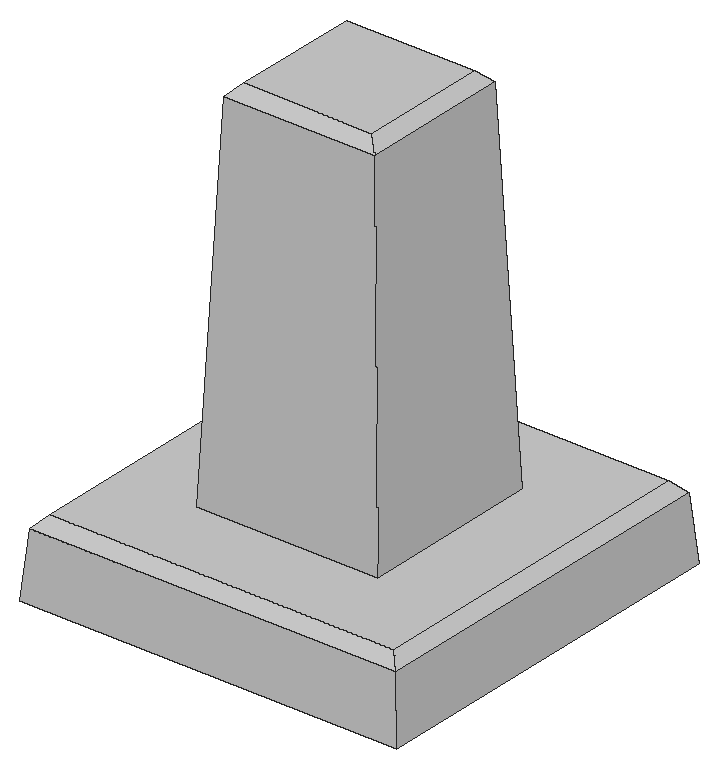
Revit family "Legalett_Prefabriserad_Plint", category Structural Foundations, Revit 2023
Family settings
  Material for Model Behavior = Other
  Cap = No
  Work Plane-Based = No
  Always vertical = Yes
  Cut with Voids When Loaded = No
  Shared = No
  Show family pre-cut in plan views = Yes
Parameters (values of type "Betongplint 45")
  topp bredd = 200 mm
  height = 500 mm
  botten bredd = 240 mm
  Volume = 0.50 m³
  Type Comments = "500x500x500"
  Structural Material [instance] = C35/45
  Reinforcement Specs [instance] = ""
  Pad Type = "P2"
  Pad Length = 500 mm
  Model = "Betongplint 45"
  Mesh [instance] = ""
  Manufacturer = "Legalett"
  Foundation Thickness = 100 mm
  Concrete Grade [instance] = ""
Types (6, lengths in mm): name | topp bredd | height | botten bredd | Type Comments | Pad Length | Model | Foundation Thickness
  Betongplint 45 | 200 | 500 | 240 | "500x500x500" | 500 | "Betongplint 45" | 100
  Betongplint 63 | 200 | 900 | 282 | "500x500x900" | 500 | "Betongplint 63" | 100
  Betongplint 150 | 350 | 550 | 390 | "800x800x550" | 800 | "Betongplint 150" | 150
  Betongplint 163 | 310 | 850 | 312 | "800x800x850" | 800 | "Betongplint 163" | 150
  Betongplint 220 | 350 | 950 | 432 | "800x800x950" | 800 | "Betongplint 220" | 150
  Betongplint 350 | 350 | 1750 | 352 | "1000x1000x1750" | 1000 | "Betongplint 350" | 150
Reference planes
  plane 1 "Center (Front/Back)": y = -0.389
  plane 2: z = 0
  plane 3 "Center (Left/Right)": x = 0
  plane 4: x = -250
  plane 5: x = 250
  plane 6: y = 249.611
  plane 7: y = -250.389
  plane 8: z = 100
  plane 9: z = 135
  plane 10: z = 585
  plane 11: z = 600
Forms (mm)
  Blend 1, solid, material "C35/45"
    base sketch origin (0, 0, 0) x (1, 0, 0) y (0, 1, 0)
      loop
        line (-250, 249.611) -> (-250, -250.389) -> (250, -250.389) -> (250, 249.611) -> (-250, 249.611)
    top sketch origin (0, 0, 0) x (1, 0, 0) y (0, 1, 0)
      loop
        line (243, 242.611) -> (-243, 242.611) -> (-243, -243.389) -> (243, -243.389) -> (243, 242.611)
    from 0 to 85
  Blend 2, solid, material "C35/45"
    base sketch origin (0, 0, 85) x (1, 0, 0) y (0, 1, 0)
      loop
        line (-243, 242.611) -> (-243, -243.389) -> (243, -243.389) -> (243, 242.611) -> (-243, 242.611)
    top sketch origin (0, 0, 85) x (1, 0, 0) y (0, 1, 0)
      loop
        line (228, 227.611) -> (-228, 227.611) -> (-228, -228.389) -> (228, -228.389) -> (228, 227.611)
    from 0 to 15
  Blend 3, solid, material "C35/45"
    base sketch origin (0, 0, 85) x (1, 0, 0) y (0, 1, 0)
      loop
        line (-120, 119.611) -> (-120, -120.389) -> (120, -120.389) -> (120, 119.611) -> (-120, 119.611)
    top sketch origin (0, 0, 85) x (1, 0, 0) y (0, 1, 0)
      loop
        line (-100, 99.611) -> (-100, -100.389) -> (100, -100.389) -> (100, 99.611) -> (-100, 99.611)
    from 15 to 500
  Blend 4, solid, material "C35/45"
    base sketch origin (-0.647, -0.841, 0) x (1, 0, 0) y (0, 1, 0)
      loop
        line (-99.353, 100.452) -> (-99.353, -99.548) -> (100.647, -99.548) -> (100.647, 100.452) -> (-99.353, 100.452)
    top sketch origin (-0.647, -0.841, 0) x (1, 0, 0) y (0, 1, 0)
      loop
        line (-84.353, 85.452) -> (-84.353, -84.548) -> (85.647, -84.548) -> (85.647, 85.452) -> (-84.353, 85.452)
    from 585 to 600
Dimensions and locks
  equal spacing: plane 4, plane 3 "Center (Left/Right)", plane 5
  "Pad Length": plane 4 to plane 5
  equal spacing: plane 7, plane 1 "Center (Front/Back)", plane 6
  "Pad Length": plane 7 to plane 6
  Blend 1 to Blend 1 = 500 mm
  locked: Blend 2 to Blend 2 at 15
  locked: plane 11 to plane 10 at 15
  "height": plane 11 to plane 8
  "Foundation Thickness": plane 8 to level
  "topp bredd": Blend 3 to Blend 3  (x2)
  equal spacing: Blend 3, plane 3 "Center (Left/Right)", Blend 3  (x2)
  equal spacing: Blend 3, plane 1 "Center (Front/Back)", Blend 3  (x2)
  "botten bredd": Blend 3 to Blend 3  (x2)
  "topp bredd": Blend 4 to Blend 4  (x2)
  equal spacing: Blend 4, plane 1 "Center (Front/Back)", Blend 4
  equal spacing: Blend 4, plane 3 "Center (Left/Right)", Blend 4
  Blend 3 to Blend 4 sketch curve = 15 mm  (x2)
  Blend 4 sketch curve to Blend 3 = 15 mm  (x2)
  locked: Blend 4 to Blend 4 at 15  (x4)
  aligned and locked: Blend 1 to level
  aligned and locked: Blend 2 to Blend 1
  aligned and locked: Blend 3 to Blend 2
  aligned and locked: Blend 3 to Blend 4
  aligned and locked: Blend 4 to plane 10
  aligned and locked: plane 11 to Blend 4
  aligned and locked: plane 8 to Blend 2
Automatic sketch dimensions
  Blend 1 sketch curve to plane 4 = 0 mm
  Blend 1 sketch curve to plane 5 = 0 mm
  plane 7 to Blend 1 sketch curve = 0 mm
  Blend 1 sketch curve to plane 6 = 0 mm
  plane 4 to Blend 1 sketch curve = 7 mm
  plane 5 to Blend 1 sketch curve = 7 mm
  Blend 1 sketch curve to plane 7 = 7 mm
  Blend 1 sketch curve to plane 6 = 7 mm
  Blend 2 sketch curve to Blend 1 = 0 mm  (x3)
  Blend 1 to Blend 2 sketch curve = 0 mm
  Blend 2 sketch curve to Blend 1 = 15 mm  (x4)
  Blend 3 sketch curve to Blend 1 = 123 mm  (x4)
  Blend 3 sketch curve to Blend 1 = 143 mm  (x4)
  Blend 4 sketch curve to plane 3 "Center (Left/Right)" = 100 mm
  plane 1 "Center (Front/Back)" to Blend 4 sketch curve = 100 mm
  plane 3 "Center (Left/Right)" to Blend 4 sketch curve = 100 mm
  Blend 4 sketch curve to plane 1 "Center (Front/Back)" = 100 mm
